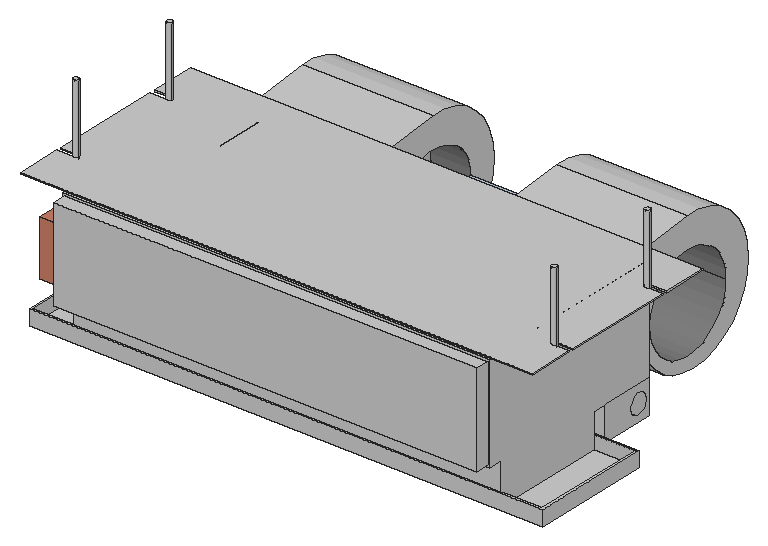
Revit family "Fan Coil-ACME-1.5-2.5 ton-FC1525Z", category Mechanical Equipment, Revit 2019
Family settings
  Round Connector Dimension = Use Radius
  Part Type = Normal
  OmniClass Number = 23.75.70.17.27
  OmniClass Title = Fan Coil Units
  Work Plane-Based = No
  Always vertical = Yes
  Cut with Voids When Loaded = No
  Shared = No
  Room Calculation Point = No
Parameters (values of type "FPMBNU018 - 208 v")
  Width = 37.250"
  Voltage = 208 V
  Unit Weight = 70 lbf
  URL = "www.acme.com"
  Type Comments = "208 v - 18 kBtu/h Cooling Capacity"
  Supply Air Width = 31"
  Supply Air Height = 7"
  Right Drain [instance] = not(Left Drain)  # no
  Motor Material = Paint - Carrier - Gray
  Minimum Circuit Amps = 1.32 A
  Maximum Overcurrent Protection = 15 A
  Length 4 = 0.91013"
  Length 3 = Height - Fan Radius - 0.080"  # 5.170"
  Length 1 = Width / 2  # 18.625"
  Power Y Offset = 12.875"
  Highlight Material 3 = Metal - Carrier - Copper Tube
  Highlight Material 2 = Metal - Carrier - Finned
  Fan Void Radius = 3.500"
  Fan Radius = 5.000"
  Drain Z Offset = 0.500"
  Drain Y Offset = 9.625"
  Drain X Offset [instance] = if(Left Drain, 1.250", Width - 1.250")  # 1.250"
  Drain Body Radius = Drain Radius + 0.125"  # 0.500"
  Power Factor = 0.9
  Number of Poles = 2
  Model = "344564723"
  Manufacturer = "ACME Inc."
  Load Classification = HVAC
  Length 9 [instance] = if(Clearance Zones, Clearance Front, 0.000")  # 0.000"
  Length 6 [instance] = 1.000"
  Length 2 = Depth / 2  # 12.6875"
  Length 14 [instance] = if(Clearance Zones, Clearance Top, 0.000")  # 0.000"
  Length 13 [instance] = if(Clearance Zones, Clearance Bottom, 0.000")  # 0.000"
  Length 12 [instance] = if(Clearance Zones, Clearance Right, 0.000")  # 0.000"
  Length 11 [instance] = if(Clearance Zones, Clearance Left, 0.000")  # 0.000"
  Length 10 [instance] = if(Clearance Zones, Clearance Back, 0.000")  # 0.000"
  Inlet Air Flow [instance] = 0 CFM
  External Static Pressure [instance] = 0.08 in-wg
  Drain Flow [instance] = 0 GPM
  Drain Diameter = Drain Radius * 2  # 3/4"
  Description = "Horizontal Un-Cased Fan Coil"
  Depth = 25.375"
  Highlight Material 1 = Plastic - Carrier - Black
  Height = 10.250"
  Hanging Bolts [instance] = yes
  Drop Rod Radius = 0.188"
  Hanging Height [instance] = 5.000"
  Drain Radius = 3/8"
  DX Gas Z Offset = 5.125"
  DX Y Offset = 13.500"
  DX Liquid Radius = 3/16"
  DX Liquid Diameter = DX Liquid Radius * 2  # 3/8"
  DX Liquid Body Radius = DX Liquid Radius + 0.200"  # 0.3875"
  DX Gas Radius = 3/8"
  DX Gas Diameter = DX Gas Radius * 2  # 3/4"
  DX Gas Body Radius = DX Gas Radius + 0.200"  # 0.575"
  Cooling Capacity = 18000.0 Btu/h
  Controls Y Offset = 1.575"
  Clearance Zones [instance] = no
  Clearance Top = 0.000"
  Clearance Right = 0.000"
  Clearance Material = Clearance Zones
  Clearance Left = 0.000"
  Clearance Front = 0.000"
  Clearance Bottom = 0.000"
  Clearance Back = 0.000"
  Body Material = Metal - Carrier - Steel
  Left Drain [instance] = yes
  Assembly Code = "D5217957"
  Apparent Load = Voltage * Minimum Circuit Amps / Power Factor  # 305.067 VA
  Angle 1 [instance] = 90.00°
  Air Pressure Drop [instance] = 0.00 in-wg
  Outlet Air Flow [instance] = 0 CFM
Reference planes (in)
  plane 1 "Center (Front/Back)": y = 0
  plane 2: z = 0
  plane 3 "Center (Left/Right)": x = 0
  plane 4 "Back": y = 12.6875
  plane 5 "Body Front": y = -12.6875
  plane 6 "Body Left": x = -18.625
  plane 7 "Body Right": x = 18.625
  plane 8 "Left Bolt Pitch": x = -17.375
  plane 9 "Right Bolt Pitch": x = 17.375
  plane 10 "Back Bolt Pitch": y = -0.6875
  plane 11 "Front Bolt Pitch": y = -9.1875
  plane 12 "Top": z = 10.25
  plane 13 "Bottom": z = 0
  plane 14 "Center (Elevation)": z = 5.125
  plane 15 "elec z cl": z = 1.25
  plane 16 "Bolt Top": z = 10.25
  plane 17 "sa top": z = 10
  plane 18 "sa bottom": z = 3
  plane 19 "controls y cl": y = -1.1875
  plane 20 "Hanging Rods Height": z = 15.25
  plane 21 "sa left": x = -15.5
  plane 22 "sa right": x = 15.5
  plane 23: z = 10.25
  plane 24 "Cleareance Left": x = -18.625
  plane 25 "Clearance Right": x = 18.625
  plane 26 "Clearance Front": y = -12.6875
  plane 27 "Clearance Back": y = 12.6875
  plane 28 "Clearance Top": z = 10.25
  plane 29 "Clearance Bottom": z = 0
  plane 30 "drain y cl": y = -3.0625
  plane 31 "drain z cl": z = 0.5
  plane 32 "drain x cl": x = -17.375
  plane 33 "power y cl": y = 0.8125
  plane 34 "dx y cl": y = -0.8125
  plane 35 "dx gas z cl": z = 5.125
  plane 36 "bolt bottom": z = 9.85
  plane 37 "back dummy": y = 12.6875
  plane 38 "cover back": y = 2.8125
  plane 39 "cover bottom": z = 10.17
  plane 40 "fan 1 left": x = -14
  plane 41 "fan 1 right": x = -4.5
  plane 42 "fan 2 left": x = 4.5
  plane 43 "fan2 right": x = 14
  plane 44 "fan body left": x = -15.5
  plane 45 "fan body right": x = 15.5
  plane 46 "fan void y cl": y = 7.1875
  plane 47 "fan front": y = 1.8125
  plane 48 "fan void z cl": z = 4.5
  plane 49 "fan z cl": z = 5
  plane 50 "fan y cl": y = 7.6875
  plane 51: z = 2.5
  plane 52 "connection end": y = 6.1875
  plane 53 "dx liquid z cl": z = 6.625
  plane 54 "dx gas x cl": x = -16.825
  plane 55 "dx liquid x cl": x = -16
  plane 56: y = -11.6875
  plane 57: y = -9.1875
Forms (in)
  Extrusion 1, solid, detail levels coarse
    sketch origin (0, 0, 0) x (0, 1, 0) y (0, 0, 1)
      loop
        line (-12.6875, 10.25) -> (-12.6875, 0) -> (12.6875, 0) -> (12.6875, 10.25) -> (-12.6875, 10.25)
    from -18.625 to 18.625
  Extrusion 2, solid, material "Metal - Carrier - Steel" <- "Body Material", visible <- "Hanging Bolts", detail levels medium+fine
    sketch origin (0, 0, 10.25) x (-1, 0, 0) y (0, -1, 0)
      loop
        circle (17.375, 0.6875) r 0.188
      loop
        circle (-17.375, 0.6875) r 0.188
      loop
        circle (17.375, 9.1875) r 0.188
      loop
        circle (-17.375, 9.1875) r 0.188
    from -0.4 to 5
  Extrusion 3, solid, material "Clearance Zones" <- "Clearance Material", visible <- "Clearance Zones"
    sketch origin (0, 0, 10.25) x (-1, 0, 0) y (0, -1, 0)
      loop
        line (18.625, -12.6875) -> (18.625, 12.6875) -> (-18.625, 12.6875) -> (-18.625, -12.6875) -> (18.625, -12.6875)
    from -10.25 to 0
  Extrusion 4, solid, material "Metal - Carrier - Steel" <- "Body Material", detail levels medium+fine
    sketch origin (0, -12.6875, 0) x (-1, 0, 0) y (0, 0, 1)
      loop
        line (15.375, 9.875) -> (-15.375, 9.875) -> (-15.375, 3.125) -> (15.375, 3.125) -> (15.375, 9.875)
    from 0 to -1
  Revolve 5, solid, material "Plastic - Carrier - Black" <- "Highlight Material 1", detail levels medium+fine
    sketch origin (-17.375, -3.0625, 0.5) x (0, 1, 0) y (-1, 0, 0)
      loop
        line (1, 0) -> (0, 0) -> (0, -0.5) -> (1, -0.5) -> (1, 0)
      axis (1, 0) -> (0, 0)
    angle from 0 to 360
  Extrusion 6, solid, material "Metal - Carrier - Steel" <- "Body Material", detail levels medium+fine
    sketch origin (0, 0, 10.25) x (-1, 0, 0) y (0, -1, 0)
      loop
        line (18.625, 0.8755) -> (18.625, 8.9995) -> (17.375, 8.9995)
        arc (17.375, 8.9995) -> (17.187, 9.1875) -> (17.375, 9.3755) r 0.188
        line (17.375, 9.3755) -> (18.625, 9.3755) -> (18.625, 12.6875) -> (-18.625, 12.6875) -> (-18.625, 9.3755) -> (-17.375, 9.3755)
        arc (-17.375, 9.3755) -> (-17.187, 9.1875) -> (-17.375, 8.9995) r 0.188
        line (-17.375, 8.9995) -> (-18.625, 8.9995) -> (-18.625, 0.8755) -> (-17.375, 0.8755)
        arc (-17.375, 0.8755) -> (-17.187, 0.6875) -> (-17.375, 0.4995) r 0.188
        line (-17.375, 0.4995) -> (-18.625, 0.4995) -> (-18.625, -2.8125) -> (18.625, -2.8125) -> (18.625, 0.4995) -> (17.375, 0.4995)
        arc (17.375, 0.4995) -> (17.187, 0.6875) -> (17.375, 0.8755) r 0.188
        line (17.375, 0.8755) -> (18.625, 0.8755)
    from 0 to -0.08
  Extrusion 7, solid, material "Metal - Carrier - Steel" <- "Body Material", detail levels medium+fine
    sketch origin (0, 0, 0) x (0, 1, 0) y (0, 0, 1)
      loop
        line (-12.6875, 10) -> (-12.6875, 3) -> (-11.6875, 3) -> (-11.6875, 0) -> (-3.1875, 0) -> (-3.1875, 2.5) -> (1.8125, 2.5) -> (1.8125, 10.17) -> (-11.6875, 10.17) -> (-11.6875, 10) -> (-12.6875, 10)
    from -15.5 to 15.5
  Extrusion 8, solid, material "Metal - Carrier - Steel" <- "Body Material", detail levels medium+fine
    sketch origin (0, 0, 0) x (0, 1, 0) y (0, 0, 1)
      loop
        arc (3.10492, 3) -> (8.70905, 0.10547) -> (12.6875, 5) r 5
        spline (12.6875, 5) -> (12.6391, 5.71758) -> (12.49485, 6.42127) -> (12.25754, 7.09745) -> (11.93176, 7.73303) -> (11.52381, 8.31569) -> (11.0416, 8.83417) -> (10.49446, 9.27843) -> (9.89298, 9.63987) -> (9.24881, 9.91148) -> (8.57441, 10.08801) -> (7.88285, 10.16605) -> (7.1875, 10.14409)
        line (7.1875, 10.14409) -> (2.8125, 9.68943) -> (2.8125, 3) -> (3.10492, 3)
      loop
        circle (7.1875, 4.5) r 3.5
    from 4.5 to 14
  Extrusion 9, solid, material "Metal - Carrier - Steel" <- "Body Material", detail levels medium+fine
    sketch origin (0, 0, 0) x (1, 0, 0) y (0, 1, 0)
      loop
        line (-14.5, 2.8125) -> (-14.5, 1.8125) -> (14.5, 1.8125) -> (14.5, 2.8125) -> (-14.5, 2.8125)
    from 2.5 to 10.17
  Extrusion 10, solid, material "Metal - Carrier - Steel" <- "Body Material", detail levels medium+fine
    sketch origin (0, 0, 0) x (0, 1, 0) y (0, 0, 1)
      loop
        circle (7.1875, 4.5) r 3.5
      loop
        line (7.1875, 10.14409) -> (2.8125, 9.68943) -> (2.8125, 3) -> (3.10492, 3)
        arc (3.10492, 3) -> (8.70905, 0.10547) -> (12.6875, 5) r 5
        spline (12.6875, 5) -> (12.6391, 5.71758) -> (12.49485, 6.42127) -> (12.25754, 7.09745) -> (11.93176, 7.73303) -> (11.52381, 8.31569) -> (11.0416, 8.83417) -> (10.49446, 9.27843) -> (9.89298, 9.63987) -> (9.24881, 9.91148) -> (8.57441, 10.08801) -> (7.88285, 10.16605) -> (7.1875, 10.14409)
    from -14 to -4.5
  Revolve 11, solid, material "Paint - Carrier - Gray" <- "Motor Material", detail levels fine
    sketch origin (0, 0, 4.5) x (0, 1, 0) y (-1, 0, 0)
      loop
        line (7.1875, 7.5) -> (7.1875, -7.5) -> (10.6875, -7.5) -> (7.3875, -6.2989) -> (7.3875, -2.5) -> (9.4375, -2.5) -> (9.4375, 2.5) -> (7.3875, 2.5) -> (7.3875, 6.2989) -> (10.6875, 7.5) -> (7.1875, 7.5)
      axis (7.1875, 7.5) -> (7.1875, -7.5)
    angle from 0 to 360
  Extrusion 12, solid, material "Metal - Carrier - Steel" <- "Body Material", detail levels medium+fine
    sketch origin (0, 0, 0) x (0, 1, 0) y (0, 0, 1)
      loop
        line (1.8125, 2.5) -> (-2.1875, 2.5) -> (-2.1875, 0) -> (1.8125, 0) -> (1.8125, 2.5)
    from -15.5 to 15.5
  Extrusion 13, solid, material "Metal - Carrier - Copper Tube" <- "Highlight Material 3", detail levels medium+fine
    sketch origin (0, 0, 5.125) x (-1, 0, 0) y (0, -1, 0)
      loop
        line (18, 9.1875) -> (18, 11.6875) -> (15.5, 11.6875) -> (15.5, 9.1875) -> (18, 9.1875)
    from -2 to 2
  Sweep 14, solid, material "Metal - Carrier - Copper Tube" <- "Highlight Material 3", detail levels medium+fine
    path origin (-16.825, 0, 0) x (0, -1, 0) y (0, 0, 1)
      loop
        line (-5.4375, 5.125) -> (0.58795, 5.125)
        arc (0.58795, 5.125) -> (1.61401, 4.94408) -> (2.51631, 4.42313) r 3
        line (2.51631, 4.42313) -> (6.55902, 1.0309)
        arc (6.55902, 1.0309) -> (7.89077, 0.85557) -> (8.6125, 1.98846) r 1.25
        line (8.6125, 1.98846) -> (8.6125, 7.25)
    profile origin (-16.825, 2.42478, 5.125) x (0, 0, 1) y (-1, 0, 0)
      loop
        circle (0, 0) r 0.375
  Extrusion 15, solid, material "Metal - Carrier - Copper Tube" <- "Highlight Material 3", detail levels medium+fine
    sketch origin (0, 6.1875, 0) x (0, 0, 1) y (-1, 0, 0)
      loop
        circle (6.625, 16) r 0.1875
    from 15.375 to 0.75
  Extrusion 16, solid, material "Metal - Carrier - Copper Tube" <- "Highlight Material 3", detail levels medium+fine
    sketch origin (0, 6.1875, 0) x (0, 0, 1) y (-1, 0, 0)
      loop
        circle (6.625, 16) r 0.3875
      loop
        circle (5.125, 16.825) r 0.575
    from 0 to 0.75
  Extrusion 17, solid, material "Metal - Carrier - Steel" <- "Body Material", detail levels medium+fine
    sketch origin (0, 0, 0) x (-1, 0, 0) y (0, -1, 0)
      loop
        line (18.625, 3.0625) -> (18.625, 11.8125) -> (-18.625, 11.8125) -> (-18.625, 3.0625) -> (18.625, 3.0625)
    from -0.125 to 1
  Extrusion 18, void
    sketch origin (0, 0, 0) x (-1, 0, 0) y (0, -1, 0)
      loop
        line (18.5, 3.1875) -> (18.5, 11.6875) -> (-18.5, 11.6875) -> (-18.5, 3.1875) -> (18.5, 3.1875)
    from 0 to 1.5
  Extrusion 19, solid, material "Metal - Carrier - Steel" <- "Body Material", detail levels medium+fine
    sketch origin (15.5, 0, 0) x (0, 1, 0) y (0, 0, 1)
      loop
        circle (0.8125, 1.25) r 0.6875
    from 0 to -0.125
  Extrusion 20, solid, material "Metal - Carrier - Steel" <- "Body Material", detail levels medium+fine
    sketch origin (-15.5, 0, 0) x (0, 1, 0) y (0, 0, 1)
      loop
        circle (-1.1875, 1.25) r 0.375
    from 0 to 0.125
Cuts and joins
  Extrusion 18 cuts Extrusion 17
Lines and regions (in)
  Masking region 1, detail levels coarse
    outline origin (0, 0, 5.125) x (-1, 0, 0) y (0, -1, 0)
      loop
        line (18.625, -12.6875) -> (18.625, 12.6875) -> (-18.625, 12.6875) -> (-18.625, -12.6875) -> (18.625, -12.6875)
  Masking region 2, detail levels coarse
    outline origin (0, 0, 0) x (1, 0, 0) y (0, 0, 1)
      loop
        line (-18.625, 10.25) -> (-18.625, 0) -> (18.625, 0) -> (18.625, 10.25) -> (-18.625, 10.25)
  Masking region 3, detail levels coarse
    outline origin (0, 0, 0) x (0, 1, 0) y (0, 0, 1)
      loop
        line (-12.6875, 10.25) -> (-12.6875, 0) -> (12.6875, 0) -> (12.6875, 10.25) -> (-12.6875, 10.25)
  Masking region 4, visible <- "Hanging Bolts", detail levels fine
    outline origin (0, 0, 0) x (0, 1, 0) y (0, 0, 1)
      loop
        line (-9.3755, 15.25) -> (-9.3755, 10.25) -> (-8.9995, 10.25) -> (-8.9995, 15.25) -> (-9.3755, 15.25)
      loop
        line (-0.8755, 15.25) -> (-0.8755, 10.25) -> (-0.4995, 10.25) -> (-0.4995, 15.25) -> (-0.8755, 15.25)
      loop
        line (-0.4995, 10.17) -> (-0.8755, 10.17) -> (-0.8755, 9.85) -> (-0.4995, 9.85) -> (-0.4995, 10.17)
      loop
        line (-8.9995, 10.17) -> (-9.3755, 10.17) -> (-9.3755, 9.85) -> (-8.9995, 9.85) -> (-8.9995, 10.17)
  Masking region 5, visible <- "Hanging Bolts", detail levels fine
    outline origin (0, 0, 0) x (1, 0, 0) y (0, 0, 1)
      loop
        line (-17.563, 15.25) -> (-17.563, 10.25) -> (-17.187, 10.25) -> (-17.187, 15.25) -> (-17.563, 15.25)
      loop
        line (17.187, 15.25) -> (17.187, 10.25) -> (17.563, 10.25) -> (17.563, 15.25) -> (17.187, 15.25)
      loop
        line (17.187, 10.17) -> (17.187, 9.85) -> (17.563, 9.85) -> (17.563, 10.17) -> (17.187, 10.17)
      loop
        line (-17.563, 10.17) -> (-17.563, 9.85) -> (-17.187, 9.85) -> (-17.187, 10.17) -> (-17.563, 10.17)
  Masking region 6, detail levels medium+fine
    outline origin (0, 0, 10.25) x (-1, 0, 0) y (0, -1, 0)
      loop
        line (17.375, 9.3755) -> (18.625, 9.3755) -> (18.625, 12.6875) -> (-18.625, 12.6875) -> (-18.625, 9.3755) -> (-17.375, 9.3755)
        arc (-17.375, 9.3755) -> (-17.563, 9.1875) -> (-17.375, 8.9995) r 0.188
        line (-17.375, 8.9995) -> (-18.625, 8.9995) -> (-18.625, 0.8755) -> (-17.375, 0.8755)
        arc (-17.375, 0.8755) -> (-17.563, 0.6875) -> (-17.375, 0.4995) r 0.188
        line (-17.375, 0.4995) -> (-18.625, 0.4995) -> (-18.625, -2.8125) -> (-14, -2.8125) -> (-14, -12.6875) -> (-4.5, -12.6875) -> (-4.5, -2.8125) -> (4.5, -2.8125) -> (4.5, -12.6875) -> (14, -12.6875) -> (14, -2.8125) -> (18.625, -2.8125) -> (18.625, 0.4995) -> (17.375, 0.4995)
        arc (17.375, 0.4995) -> (17.563, 0.6875) -> (17.375, 0.8755) r 0.188
        line (17.375, 0.8755) -> (18.625, 0.8755) -> (18.625, 8.9995) -> (17.375, 8.9995)
        arc (17.375, 8.9995) -> (17.563, 9.1875) -> (17.375, 9.3755) r 0.188
  Masking region 7, detail levels medium+fine
    outline origin (0, 0, 5.125) x (-1, 0, 0) y (0, -1, 0)
      loop
        line (17.2, -5.4375) -> (17.2, -2.8125) -> (16.45, -2.8125) -> (16.45, -5.4375) -> (16.25, -5.4375) -> (16.25, -6.1875) -> (17.4, -6.1875) -> (17.4, -5.4375) -> (17.2, -5.4375)
  Masking region 8, detail levels medium+fine
    outline origin (0, 0, 6.625) x (-1, 0, 0) y (0, -1, 0)
      loop
        line (16.1875, -5.4375) -> (16.1875, -2.8125) -> (15.8125, -2.8125) -> (15.8125, -5.4375) -> (15.6125, -5.4375) -> (15.6125, -6.1875) -> (16.3875, -6.1875) -> (16.3875, -5.4375) -> (16.1875, -5.4375)
  Masking region 9, detail levels fine
    outline origin (0, 0, 4.5) x (0, 1, 0) y (-1, 0, 0)
      loop
        line (6.9875, 2.5) -> (4.9375, 2.5) -> (4.9375, -2.5) -> (6.9875, -2.5) -> (6.9875, -4.5) -> (7.3875, -4.5) -> (7.3875, -2.5) -> (9.4375, -2.5) -> (9.4375, 2.5) -> (7.3875, 2.5) -> (7.3875, 4.5) -> (6.9875, 4.5) -> (6.9875, 2.5)
  Masking region 10, detail levels medium+fine
    outline origin (0, 0, 0) x (0, 1, 0) y (0, 0, 1)
      loop
        line (2.8125, 9.68943) -> (2.8125, 10.25) -> (-12.6875, 10.25) -> (-12.6875, 10.17) -> (-11.6875, 10.17) -> (-11.6875, 9.92585) -> (-12.6875, 9.92585) -> (-12.6875, 3) -> (-11.6875, 3) -> (-11.6875, 1) -> (-3.1875, 1) -> (-3.1875, 2.5) -> (-2.1875, 2.5) -> (-2.1875, 0) -> (1.8125, 0) -> (1.8125, 2.5) -> (2.8125, 2.5) -> (2.8125, 3) -> (3.10492, 3)
        arc (3.10492, 3) -> (8.70905, 0.10547) -> (12.6875, 5) r 5
        spline (12.6875, 5) -> (12.6391, 5.71758) -> (12.49485, 6.42127) -> (12.25754, 7.09745) -> (11.93176, 7.73303) -> (11.52381, 8.31569) -> (11.0416, 8.83417) -> (10.49446, 9.27843) -> (9.89298, 9.63987) -> (9.24881, 9.91148) -> (8.57441, 10.08801) -> (7.88285, 10.16605) -> (7.1875, 10.14409)
        line (7.1875, 10.14409) -> (2.8125, 9.68943)
      loop
        circle (7.1875, 4.5) r 3.5
  Masking region 11, detail levels medium+fine
    outline origin (-17.375, 0, 0) x (0, 1, 0) y (0, 0, 1)
      loop
        line (-2.0625, 1) -> (-3.0625, 1) -> (-3.0625, 0) -> (-2.0625, 0) -> (-2.0625, 1)
  Masking region 12, detail levels fine
    outline origin (0, 0, 0) x (0, 1, 0) y (0, 0, 1)
      loop
        circle (7.1875, 4.5) r 3.5
  Masking region 13, detail levels medium+fine
    outline origin (-16.825, 0, 0) x (0, -1, 0) y (0, 0, 1)
      loop
        line (8.2375, 6.8125) -> (-5.4375, 6.8125) -> (-5.4375, 7.0125) -> (-6.1875, 7.0125) -> (-6.1875, 6.2375) -> (-5.4375, 6.2375) -> (-5.4375, 6.4375) -> (8.2375, 6.4375) -> (8.2375, 2.03213)
        arc (8.2375, 2.03213) -> (7.72056, 1.2207) -> (6.76668, 1.34628) r 0.89532
        line (6.76668, 1.34628) -> (2.72263, 4.73964)
        arc (2.72263, 4.73964) -> (1.74513, 5.304) -> (0.63357, 5.5) r 3.25
        line (0.63357, 5.5) -> (-5.4375, 5.5) -> (-5.4375, 5.7) -> (-6.1875, 5.7) -> (-6.1875, 4.55) -> (-5.4375, 4.55) -> (-5.4375, 4.75) -> (0.57393, 4.75)
        arc (0.57393, 4.75) -> (1.42898, 4.59923) -> (2.1809, 4.16511) r 2.5
        line (2.1809, 4.16511) -> (6.14959, 0.83499)
        arc (6.14959, 0.83499) -> (7.97625, 0.56829) -> (8.97542, 2.12054) r 1.70533
        line (8.97542, 2.12054) -> (8.97542, 6.4375) -> (9.1875, 6.4375) -> (9.1875, 3.125) -> (11.6875, 3.125) -> (11.6875, 7.125) -> (9.1875, 7.125) -> (9.1875, 6.8125) -> (8.97542, 6.8125) -> (8.97542, 7.25) -> (8.2375, 7.25) -> (8.2375, 6.8125)
  Masking region 14, detail levels medium+fine
    outline origin (0, 0, 0) x (0, 1, 0) y (0, 0, 1)
      loop
        line (-3.0625, -0.125) -> (-3.0625, 1) -> (-11.8125, 1) -> (-11.8125, -0.125) -> (-3.0625, -0.125)
  Masking region 15, detail levels medium+fine
    outline origin (0, 0, 0) x (1, 0, 0) y (0, 0, 1)
      loop
        line (-18.625, 1) -> (-18.625, 0) -> (18.625, 0) -> (18.625, 1) -> (15.5, 1) -> (15.5, 10.17) -> (18.625, 10.17) -> (18.625, 10.25) -> (-18.625, 10.25) -> (-18.625, 10.17) -> (-15.5, 10.17) -> (-15.5, 7.125) -> (-16.45, 7.125) -> (-16.45, 7.25) -> (-17.2, 7.25) -> (-17.2, 7.125) -> (-18, 7.125) -> (-18, 3.125) -> (-17.2, 3.125) -> (-17.2, 1) -> (-18.625, 1)
      loop
        line (-16.45, 3.125) -> (-16.45, 1) -> (-15.5, 1) -> (-15.5, 3.125) -> (-16.45, 3.125)
  Masking region 16, detail levels medium+fine
    outline origin (0, 6.1875, 0) x (0, 0, 1) y (-1, 0, 0)
      loop
        circle (5.125, 16.825) r 0.575
      loop
        circle (6.625, 16) r 0.3875
  Masking region 17, detail levels fine
    outline origin (0, 12.6875, 0) x (-1, 0, 0) y (0, 0, 1)
      loop
        line (2.5, 4.3) -> (4.5, 4.3) -> (4.5, 4.7) -> (2.5, 4.7) -> (2.5, 6.75) -> (-2.5, 6.75) -> (-2.5, 4.7) -> (-4.5, 4.7) -> (-4.5, 4.3) -> (-2.5, 4.3) -> (-2.5, 2.25) -> (2.5, 2.25) -> (2.5, 4.3)
  symbolic lines, detail levels fine
    curve 1: circle (-17.375, -0.6875, 10.25) r 0.188 normal (0, 0, 1)
    curve 2: circle (17.375, -0.6875, 10.25) r 0.188 normal (0, 0, 1)
    curve 3: circle (17.375, -9.1875, 10.25) r 0.188 normal (0, 0, 1)
    curve 4: circle (-17.375, -9.1875, 10.25) r 0.188 normal (0, 0, 1)
    curve 31: line (-2.5, 7.3875, 4.5) -> (-2.5, 6.9875, 4.5)
    curve 32: line (2.5, 7.3875, 4.5) -> (2.5, 6.9875, 4.5)
    curve 40: circle (0, 7.1875, 4.5) r 0.5 normal (1, 0, 0)
    curve 71: line (-2.5, 12.6875, 4.7) -> (-2.5, 12.6875, 4.3)
    curve 72: line (2.5, 12.6875, 4.7) -> (2.5, 12.6875, 4.3)
  symbolic lines, visible <- "Hanging Bolts", detail levels medium
    curve 5: line (0, -0.6875, 9.85) -> (0, -0.6875, 15.25)
    curve 6: line (0, -9.1875, 15.25) -> (0, -9.1875, 9.85)
    curve 7: line (-17.375, 0, 15.25) -> (-17.375, 0, 9.85)
    curve 8: line (17.375, 0, 15.25) -> (17.375, 0, 9.85)
  symbolic lines, detail levels medium+fine
    curve 9: line (15.5, -12.6875, 10) -> (-15.5, -12.6875, 10)
    curve 10: line (15.5, -12.6875, 3) -> (15.5, -12.6875, 10)
    curve 11: line (-15.5, -12.6875, 3) -> (15.5, -12.6875, 3)
    curve 12: line (-15.5, -12.6875, 10) -> (-15.5, -12.6875, 3)
    curve 27: line (-14, 2.8125, 10.25) -> (-4.5, 2.8125, 10.25)
    curve 28: line (4.5, 2.8125, 10.25) -> (14, 2.8125, 10.25)
    curve 29: line (-17.2, 5.4375, 5.125) -> (-16.45, 5.4375, 5.125)
    curve 30: line (-16.1875, 5.4375, 6.625) -> (-15.8125, 5.4375, 6.625)
    curve 33: line (0, -3.1875, 1) -> (0, -11.6875, 1)
    curve 34: line (0, 1.8125, 2.5) -> (0, -2.1875, 2.5)
    curve 35: line (0, -11.6875, 10.17) -> (0, 2.8125, 10.17)
    curve 36: line (0, 2.8125, 10.17) -> (0, 2.8125, 3)
    curve 37: line (0, 1.8125, 10.17) -> (0, 1.8125, 2.5)
    curve 38: circle (-18.625, -1.1875, 1.25) r 0.375 normal (1, 0, 0)
    curve 39: circle (18.625, 0.8125, 1.25) r 0.6875 normal (1, 0, 0)
    curve 41: line (-16.825, 5.4375, 6.8125) -> (-16.825, 5.4375, 6.4375)
    curve 42: line (-16.825, 5.4375, 5.5) -> (-16.825, 5.4375, 4.75)
    curve 43: line (-16.825, -8.2375, 6.8125) -> (-16.825, -8.2375, 6.4375)
    curve 44: line (-16.825, -8.97542, 6.8125) -> (-16.825, -8.97542, 6.4375)
    curve 45: line (-16.825, -9.1875, 6.8125) -> (-16.825, -9.1875, 6.4375)
    curve 46: line (-17.2, -12.6875, 7.125) -> (-16.45, -12.6875, 7.125)
    curve 47: line (-17.2, -12.6875, 3.125) -> (-16.45, -12.6875, 3.125)
    curve 48: line (-17.2, -12.6875, 1) -> (-16.45, -12.6875, 1)
    curve 49: line (-15.5, -12.6875, 1) -> (15.5, -12.6875, 1)
    curve 50: line (-15.5, -12.6875, 7.125) -> (-15.5, -12.6875, 3.125)
    curve 51: line (-15.5, -12.6875, 10.17) -> (15.5, -12.6875, 10.17)
    curve 52: line (15.375, -12.6875, 9.875) -> (-15.375, -12.6875, 9.875)
    curve 53: line (-15.375, -12.6875, 9.875) -> (-15.375, -12.6875, 3.125)
    curve 54: line (-15.375, -12.6875, 3.125) -> (15.375, -12.6875, 3.125)
    curve 55: line (15.375, -12.6875, 3.125) -> (15.375, -12.6875, 9.875)
    curve 56: line (15.5, 12.6875, 1) -> (15.5, 12.6875, 0)
    curve 57: line (-15.5, 12.6875, 1) -> (-15.5, 12.6875, 0)
    curve 58: line (-17.2, 2.8125, 7.125) -> (-17.2, 2.8125, 3.125)
    curve 59: line (-16.45, 2.8125, 7.125) -> (-16.45, 2.8125, 3.125)
    curve 60: circle (-16.825, 6.1875, 5.125) r 0.375 normal (0, 1, 0)
    curve 61: circle (-16, 6.1875, 6.625) r 0.1875 normal (0, 1, 0)
    curve 62: line (-14, 12.6875, 0) -> (-14, 12.6875, 10.17)
    curve 63: line (-4.5, 12.6875, 10.17) -> (-4.5, 12.6875, 0)
    curve 64: line (4.5, 12.6875, 0) -> (4.5, 12.6875, 10.17)
    curve 65: line (14, 12.6875, 10.17) -> (14, 12.6875, 0)
    curve 66: line (-15.5, 12.6875, 2.5) -> (-14, 12.6875, 2.5)
    curve 67: line (-4.5, 6.1875, 2.5) -> (4.5, 6.1875, 2.5)
    curve 68: line (14, 12.6875, 2.5) -> (15.5, 12.6875, 2.5)
    curve 69: line (14.5, 12.6875, 10.17) -> (14.5, 12.6875, 2.5)
    curve 70: line (-14.5, 12.6875, 2.5) -> (-14.5, 12.6875, 10.17)
    curve 73: circle (-17.375, 12.6875, 0.5) r 0.375 normal (0, 1, 0)
  reference lines, not visible
    curve 13: line (-17.375, -3.0625, 0.5) -> (-17.375, -2.0625, 0.5)
  symbolic lines, style "Clearance Zones", visible <- "Clearance Zones"
    curve 14: line (18.625, 12.6875, 10.921) -> (-18.625, 12.6875, 10.921)
    curve 15: line (-18.625, 12.6875, 10.921) -> (-18.625, -12.6875, 10.921)
    curve 16: line (-18.625, -12.6875, 10.921) -> (18.625, -12.6875, 10.921)
    curve 17: line (18.625, -12.6875, 10.921) -> (18.625, 12.6875, 10.921)
    curve 19: line (-18.625, -12.6875, 10.25) -> (18.625, -12.6875, 10.25)
    curve 20: line (-18.625, -12.6875, 0) -> (-18.625, -12.6875, 10.25)
    curve 21: line (18.625, -12.6875, 0) -> (-18.625, -12.6875, 0)
    curve 22: line (18.625, -12.6875, 10.25) -> (18.625, -12.6875, 0)
    curve 23: line (0, 12.6875, 10.25) -> (0, -12.6875, 10.25)
    curve 24: line (0, 12.6875, 0) -> (0, 12.6875, 10.25)
    curve 25: line (0, -12.6875, 0) -> (0, 12.6875, 0)
    curve 26: line (0, -12.6875, 0) -> (0, -12.6875, 10.25)
  symbolic lines, style "MechanicalEquipment", detail levels medium+fine
    curve 18: circle (-17.375, 12.6875, 0.5) r 0.5 normal (0, 1, 0)
Dimensions and locks (in)
  equal spacing: plane 6 "Body Left", plane 3 "Center (Left/Right)", plane 7 "Body Right"
  equal spacing: plane 4 "Back", plane 1 "Center (Front/Back)", plane 5 "Body Front"
  "Length 2": plane 1 "Center (Front/Back)" to plane 5 "Body Front"
  "Length 1": plane 6 "Body Left" to plane 3 "Center (Left/Right)"
  equal spacing: plane 8 "Left Bolt Pitch", plane 3 "Center (Left/Right)", plane 9 "Right Bolt Pitch"
  "Height": plane 12 "Top" to plane 13 "Bottom"
  equal spacing: plane 12 "Top", plane 14 "Center (Elevation)", plane 13 "Bottom"
  "Hanging Height": plane 20 "Hanging Rods Height" to plane 12 "Top"
  locked: plane 11 "Front Bolt Pitch" to plane 5 "Body Front" at 3.5
  "Drop Rod Radius": Masking region 4 sketch curve to plane 11 "Front Bolt Pitch"
  "Drop Rod Radius": plane 11 "Front Bolt Pitch" to Masking region 4 sketch curve
  "Drop Rod Radius": Masking region 4 sketch curve to plane 10 "Back Bolt Pitch"
  "Drop Rod Radius": plane 10 "Back Bolt Pitch" to Masking region 4 sketch curve
  "Drop Rod Radius": plane 8 "Left Bolt Pitch" to Masking region 5 sketch curve  (x2)
  "Drop Rod Radius": plane 9 "Right Bolt Pitch" to Masking region 5 sketch curve  (x2)
  "Length 11": plane 24 "Cleareance Left" to plane 6 "Body Left"
  "Length 12": plane 7 "Body Right" to plane 25 "Clearance Right"
  "Length 10": plane 4 "Back" to plane 27 "Clearance Back"
  "Length 9": plane 26 "Clearance Front" to plane 5 "Body Front"
  "Length 14": plane 28 "Clearance Top" to plane 12 "Top"
  "Length 13": plane 13 "Bottom" to plane 29 "Clearance Bottom"
  "Drain Y Offset": plane 30 "drain y cl" to plane 5 "Body Front"
  "Drain Z Offset": plane 31 "drain z cl" to plane 2
  "Length 6": curve 13 to curve 13
  locked: plane 12 "Top" to plane 16 "Bolt Top"
  "Supply Air Height": plane 17 "sa top" to plane 18 "sa bottom"
  locked: Extrusion 4 sketch curve to plane 22 "sa right" at 0.125
  locked: Extrusion 4 sketch curve to plane 21 "sa left" at 0.125
  plane 17 "sa top" to Extrusion 4 sketch curve = 0.125"
  locked: Extrusion 4 sketch curve to plane 18 "sa bottom" at 0.125
  equal spacing: plane 21 "sa left", plane 3 "Center (Left/Right)", plane 22 "sa right"
  "Supply Air Width": plane 21 "sa left" to plane 22 "sa right"
  locked: plane 18 "sa bottom" to plane 13 "Bottom" at 3
  "Drain Body Radius": Revolve 5 sketch curve to Revolve 5 sketch curve
  "Drain X Offset": plane 6 "Body Left" to plane 32 "drain x cl"
  "DX Y Offset": plane 37 "back dummy" to plane 34 "dx y cl"
  "DX Gas Z Offset": plane 35 "dx gas z cl" to plane 13 "Bottom"
  locked: plane 16 "Bolt Top" to plane 36 "bolt bottom" at 0.4
  locked: plane 16 "Bolt Top" to Masking region 5 sketch curve at 0.08
  locked: Masking region 4 sketch curve to Masking region 4 sketch curve at 0.08
  locked: plane 38 "cover back" to plane 5 "Body Front" at 15.5
  locked: plane 6 "Body Left" to plane 8 "Left Bolt Pitch" at 1.25
  locked: plane 38 "cover back" to plane 10 "Back Bolt Pitch" at 3.5
  equal spacing: plane 41 "fan 1 right", plane 3 "Center (Left/Right)", plane 42 "fan 2 left"
  locked: plane 41 "fan 1 right" to plane 3 "Center (Left/Right)" at 4.5
  locked: plane 42 "fan 2 left" to plane 43 "fan2 right" at 9.5
  locked: plane 40 "fan 1 left" to plane 41 "fan 1 right" at 9.5
  locked: plane 12 "Top" to plane 39 "cover bottom" at 0.08
  locked: Extrusion 7 sketch curve to Extrusion 7 sketch curve at 1
  locked: plane 38 "cover back" to plane 47 "fan front" at 1
  locked: plane 48 "fan void z cl" to plane 13 "Bottom" at 4.5
  locked: plane 4 "Back" to plane 46 "fan void y cl" at 5.5
  locked: plane 49 "fan z cl" to plane 48 "fan void z cl" at 0.5
  locked: plane 50 "fan y cl" to plane 46 "fan void y cl" at 0.5
  "Length 3": Extrusion 8 sketch curve to Extrusion 8 sketch curve
  locked: plane 43 "fan2 right" to Extrusion 9 sketch curve at 0.5
  locked: Extrusion 9 sketch curve to plane 40 "fan 1 left" at 0.5
  locked: plane 18 "sa bottom" to plane 51 at 0.5
  locked: Revolve 11 sketch curve to plane 41 "fan 1 right" at 3
  locked: plane 42 "fan 2 left" to Revolve 11 sketch curve at 3
  "Fan Void Radius": Revolve 11 sketch curve to Revolve 11 sketch curve  (x2)
  locked: Revolve 11 sketch curve to Revolve 11 sketch curve at 2.25
  equal spacing: Revolve 11 sketch curve, plane 3 "Center (Left/Right)", Revolve 11 sketch curve
  locked: Revolve 11 sketch curve to plane 3 "Center (Left/Right)" at 2.5
  locked: Revolve 11 sketch curve to Revolve 11 sketch curve at 0.2
  locked: plane 47 "fan front" to plane 33 "power y cl" at 1
  locked: plane 33 "power y cl" to Extrusion 7 sketch curve at 4
  locked: plane 33 "power y cl" to Extrusion 12 sketch curve at 3
  locked: plane 4 "Back" to plane 52 "connection end" at 6.5
  locked: plane 53 "dx liquid z cl" to plane 35 "dx gas z cl" at 1.5
  locked: plane 55 "dx liquid x cl" to plane 44 "fan body left" at 0.5
  locked: plane 54 "dx gas x cl" to plane 44 "fan body left" at 1.325
  locked: Extrusion 13 sketch curve to Extrusion 13 sketch curve at 2.5
  locked: plane 57 to plane 56 at 2.5
  locked: plane 56 to plane 5 "Body Front" at 1
  locked: plane 52 "connection end" to Sweep 14 sketch curve at 0.75
  "DX Gas Body Radius": Sweep 14 sketch curve to plane 57
  locked: Sweep 14 sketch curve to plane 14 "Center (Elevation)" at 2.125
  locked: Extrusion 17 sketch curve to plane 38 "cover back" at 5.875
  locked: plane 56 to Extrusion 17 sketch curve at 0.125
  locked: Extrusion 18 sketch curve to plane 38 "cover back" at 6
  locked: plane 6 "Body Left" to Extrusion 18 sketch curve at 0.125
  locked: Extrusion 18 sketch curve to plane 7 "Body Right" at 0.125
  locked: plane 6 "Body Left" to plane 44 "fan body left" at 3.125
  locked: plane 45 "fan body right" to plane 7 "Body Right" at 3.125
  locked: plane 47 "fan front" to plane 19 "controls y cl" at 3
  equal spacing: plane 51, plane 15 "elec z cl", plane 13 "Bottom"
  "DX Gas Body Radius": plane 54 "dx gas x cl" to Masking region 7 sketch curve
  "DX Gas Body Radius": Masking region 7 sketch curve to plane 54 "dx gas x cl"
  "DX Gas Radius": plane 54 "dx gas x cl" to Masking region 7 sketch curve
  "DX Gas Radius": Masking region 7 sketch curve to plane 54 "dx gas x cl"
  locked: Masking region 7 sketch curve to Masking region 7 sketch curve at 0.75
  locked: Masking region 8 sketch curve to Masking region 8 sketch curve at 0.75
  "DX Liquid Radius": plane 55 "dx liquid x cl" to Masking region 8 sketch curve
  "DX Liquid Radius": Masking region 8 sketch curve to plane 55 "dx liquid x cl"
  "DX Liquid Body Radius": plane 55 "dx liquid x cl" to Masking region 8 sketch curve
  "DX Liquid Body Radius": Masking region 8 sketch curve to plane 55 "dx liquid x cl"
  "Drain Body Radius": curve 13 to Masking region 11 sketch curve  (x2)
  plane 35 "dx gas z cl" to Masking region 13 sketch curve = 0.575"  (x2)
  "DX Gas Radius": plane 54 "dx gas x cl" to Masking region 15 sketch curve
  "DX Gas Radius": Masking region 15 sketch curve to plane 54 "dx gas x cl"
  locked: Masking region 17 sketch curve to plane 48 "fan void z cl" at 0.2
  locked: plane 48 "fan void z cl" to Masking region 17 sketch curve at 0.2
  locked: Masking region 17 sketch curve to plane 48 "fan void z cl" at 2.25
  locked: plane 48 "fan void z cl" to Masking region 17 sketch curve at 2.25
  "Drop Rod Radius": radius of Extrusion 2 sketch curve  (x4)
  "Drop Rod Radius": radius of curve 1
  "Drop Rod Radius": radius of curve 2
  "Drop Rod Radius": radius of curve 3
  "Drop Rod Radius": radius of curve 4
  "Drop Rod Radius": radius of Extrusion 6 sketch curve  (x4)
  "Fan Radius": radius of Extrusion 8 sketch curve
  "Fan Void Radius": radius of Extrusion 8 sketch curve
  "DX Gas Radius": radius of Sweep 14 sketch curve
  "DX Liquid Radius": radius of Extrusion 15 sketch curve
  "DX Liquid Body Radius": radius of Extrusion 16 sketch curve
  "DX Gas Body Radius": radius of Extrusion 16 sketch curve
  radius of Sweep 14 sketch curve = 3.000"
  radius of Extrusion 19 sketch curve = 0.6875"
  radius of Extrusion 20 sketch curve = 0.375"  (x2)
  "Drop Rod Radius": radius of Masking region 6 sketch curve  (x4)
  radius of curve 40 = 0.500"
  radius of Masking region 13 sketch curve = 0.89532"
  "DX Liquid Radius": radius of curve 61
  "DX Gas Radius": radius of curve 60
  "Drain Radius": radius of curve 73
  radius of Sweep 14 sketch curve = 1.250"
  "Angle 1": angle curve 13 to plane 30 "drain y cl"
  locked: Extrusion 8 sketch curve to plane 17 "sa top" (angle 5.93293°)
  locked: Revolve 11 sketch curve to Revolve 11 sketch curve (angle 20.00°)  (x2)
  locked: Sweep 14 sketch curve to plane 18 "sa bottom" (angle 40.00°)
  locked: Masking region 13 sketch curve to plane 51 (angle 40.00°)
  aligned and locked: level to plane 2
  aligned and locked: Extrusion 1 sketch curve to plane 12 "Top"
  aligned and locked: plane 13 "Bottom" to Extrusion 1 sketch curve
  aligned and locked: Extrusion 1 to plane 6 "Body Left"
  aligned and locked: plane 7 "Body Right" to Extrusion 1
  aligned and locked: plane 11 "Front Bolt Pitch" to Extrusion 2 sketch curve  (x2)
  aligned and locked: plane 8 "Left Bolt Pitch" to Extrusion 2 sketch curve  (x2)
  aligned and locked: plane 10 "Back Bolt Pitch" to Extrusion 2 sketch curve  (x2)
  aligned and locked: plane 9 "Right Bolt Pitch" to Extrusion 2 sketch curve  (x2)
  aligned and locked: plane 20 "Hanging Rods Height" to Extrusion 2
  aligned and locked: plane 2 to plane 13 "Bottom"
  aligned and locked: plane 6 "Body Left" to Masking region 1 sketch curve
  aligned and locked: Masking region 1 sketch curve to plane 4 "Back"
  aligned and locked: Masking region 1 sketch curve to plane 7 "Body Right"
  aligned and locked: plane 5 "Body Front" to Masking region 1 sketch curve
  aligned and locked: Masking region 2 sketch curve to plane 12 "Top"
  aligned and locked: plane 6 "Body Left" to Masking region 2 sketch curve
  aligned and locked: plane 13 "Bottom" to Masking region 2 sketch curve
  aligned and locked: Masking region 2 sketch curve to plane 7 "Body Right"
  aligned and locked: Masking region 3 sketch curve to plane 12 "Top"
  aligned and locked: plane 5 "Body Front" to Masking region 3 sketch curve
  aligned and locked: Masking region 3 sketch curve to plane 4 "Back"
  aligned and locked: plane 13 "Bottom" to Masking region 3 sketch curve
  aligned and locked: plane 10 "Back Bolt Pitch" to curve 1
  aligned and locked: plane 8 "Left Bolt Pitch" to curve 1
  aligned and locked: plane 10 "Back Bolt Pitch" to curve 2
  aligned and locked: plane 9 "Right Bolt Pitch" to curve 2
  aligned and locked: plane 11 "Front Bolt Pitch" to curve 3
  aligned and locked: plane 9 "Right Bolt Pitch" to curve 3
  aligned and locked: plane 8 "Left Bolt Pitch" to curve 4
  aligned and locked: plane 11 "Front Bolt Pitch" to curve 4
  aligned and locked: plane 5 "Body Front" to Extrusion 1 sketch curve
  aligned and locked: Extrusion 1 sketch curve to plane 4 "Back"
  aligned and locked: plane 20 "Hanging Rods Height" to curve 6
  aligned and locked: plane 20 "Hanging Rods Height" to curve 5
  aligned and locked: curve 6 to plane 11 "Front Bolt Pitch"
  aligned and locked: plane 10 "Back Bolt Pitch" to curve 5
  aligned and locked: Masking region 4 sketch curve to plane 20 "Hanging Rods Height"  (x2)
  aligned and locked: plane 20 "Hanging Rods Height" to curve 7
  aligned and locked: plane 20 "Hanging Rods Height" to curve 8
  aligned and locked: curve 7 to plane 8 "Left Bolt Pitch"
  aligned and locked: curve 8 to plane 9 "Right Bolt Pitch"
  aligned and locked: Masking region 5 sketch curve to plane 20 "Hanging Rods Height"  (x2)
  aligned and locked: plane 12 "Top" to plane 23
  aligned and locked: curve 10 to plane 22 "sa right"
  aligned and locked: curve 9 to plane 17 "sa top"
  aligned and locked: plane 18 "sa bottom" to curve 11
  aligned and locked: plane 21 "sa left" to curve 12
  aligned and locked: plane 27 "Clearance Back" to Extrusion 3 sketch curve
  aligned and locked: plane 24 "Cleareance Left" to Extrusion 3 sketch curve
  aligned and locked: Extrusion 3 sketch curve to plane 26 "Clearance Front"
  aligned and locked: Extrusion 3 sketch curve to plane 25 "Clearance Right"
  aligned and locked: Extrusion 3 to plane 29 "Clearance Bottom"
  aligned and locked: plane 28 "Clearance Top" to Extrusion 3
  aligned and locked: Masking region 4 sketch curve to plane 16 "Bolt Top"  (x2)
  aligned and locked: plane 16 "Bolt Top" to Masking region 5 sketch curve  (x2)
  aligned and locked: plane 30 "drain y cl" to curve 13
  aligned and locked: curve 16 to Extrusion 3
  aligned and locked: plane 32 "drain x cl" to curve 13
  aligned and locked: Revolve 5 sketch curve to Revolve 5 sketch curve
  aligned and locked: Revolve 5 sketch curve to curve 13  (x3)
  aligned and locked: Masking region 5 sketch curve to Masking region 5 sketch curve  (x5)
  aligned and locked: plane 36 "bolt bottom" to Masking region 5 sketch curve  (x2)
  aligned and locked: Extrusion 2 to plane 36 "bolt bottom"
  aligned and locked: plane 36 "bolt bottom" to curve 8
  aligned and locked: plane 36 "bolt bottom" to curve 7
  aligned and locked: Masking region 4 sketch curve to Masking region 4 sketch curve  (x5)
  aligned and locked: plane 36 "bolt bottom" to Masking region 4 sketch curve  (x2)
  aligned and locked: plane 36 "bolt bottom" to curve 6
  aligned and locked: plane 36 "bolt bottom" to curve 5
  aligned and locked: plane 4 "Back" to plane 37 "back dummy"
  aligned and locked: plane 24 "Cleareance Left" to curve 20
  aligned and locked: curve 19 to plane 28 "Clearance Top"
  aligned and locked: curve 22 to plane 25 "Clearance Right"
  aligned and locked: plane 29 "Clearance Bottom" to curve 21
  aligned and locked: plane 27 "Clearance Back" to curve 24
  aligned and locked: curve 23 to plane 28 "Clearance Top"
  aligned and locked: plane 29 "Clearance Bottom" to curve 25
  aligned and locked: plane 26 "Clearance Front" to curve 26
  aligned and locked: plane 6 "Body Left" to Extrusion 6 sketch curve
  aligned and locked: Extrusion 6 sketch curve to Extrusion 6 sketch curve  (x4)
  aligned and locked: plane 10 "Back Bolt Pitch" to Extrusion 6 sketch curve  (x2)
  aligned and locked: plane 8 "Left Bolt Pitch" to Extrusion 6 sketch curve  (x2)
  aligned and locked: plane 11 "Front Bolt Pitch" to Extrusion 6 sketch curve  (x2)
  aligned and locked: plane 7 "Body Right" to Extrusion 6 sketch curve
  aligned and locked: plane 9 "Right Bolt Pitch" to Extrusion 6 sketch curve  (x2)
  aligned and locked: Extrusion 6 sketch curve to plane 5 "Body Front"
  aligned and locked: Extrusion 6 sketch curve to plane 38 "cover back"
  aligned and locked: Extrusion 6 to plane 39 "cover bottom"
  aligned and locked: plane 12 "Top" to Extrusion 6
  aligned and locked: Extrusion 7 sketch curve to plane 39 "cover bottom"
  aligned and locked: plane 5 "Body Front" to Extrusion 7 sketch curve
  aligned and locked: Extrusion 7 sketch curve to Extrusion 7 sketch curve
  aligned and locked: plane 18 "sa bottom" to Extrusion 7 sketch curve
  aligned and locked: plane 17 "sa top" to Extrusion 7 sketch curve
  aligned and locked: plane 13 "Bottom" to Extrusion 7 sketch curve
  aligned and locked: Extrusion 7 to plane 44 "fan body left"
  aligned and locked: plane 45 "fan body right" to Extrusion 7
  aligned and locked: plane 47 "fan front" to Extrusion 7 sketch curve
  aligned and locked: plane 49 "fan z cl" to Extrusion 8 sketch curve
  aligned and locked: plane 50 "fan y cl" to Extrusion 8 sketch curve
  aligned and locked: plane 38 "cover back" to Extrusion 8 sketch curve
  aligned and locked: plane 46 "fan void y cl" to Extrusion 8 sketch curve
  aligned and locked: plane 48 "fan void z cl" to Extrusion 8 sketch curve
  aligned and locked: plane 43 "fan2 right" to Extrusion 8
  aligned and locked: Extrusion 8 to plane 42 "fan 2 left"
  aligned and locked: Extrusion 9 sketch curve to plane 47 "fan front"
  aligned and locked: Extrusion 9 sketch curve to plane 38 "cover back"
  aligned and locked: Extrusion 9 to plane 51
  aligned and locked: plane 39 "cover bottom" to Extrusion 9
  aligned and locked: Extrusion 10 sketch curve to Extrusion 8  (x5)
  aligned and locked: Extrusion 10 to plane 40 "fan 1 left"
  aligned and locked: plane 41 "fan 1 right" to Extrusion 10
  aligned and locked: plane 46 "fan void y cl" to Revolve 11 sketch curve
  aligned and locked: Revolve 11 sketch curve to Revolve 11 sketch curve  (x2)
  aligned and locked: plane 51 to Extrusion 7 sketch curve
  aligned and locked: Extrusion 12 sketch curve to plane 51
  aligned and locked: plane 13 "Bottom" to Extrusion 12 sketch curve
  aligned and locked: plane 47 "fan front" to Extrusion 12 sketch curve
  aligned and locked: Extrusion 12 to plane 21 "sa left"
  aligned and locked: plane 22 "sa right" to Extrusion 12
  aligned and locked: Extrusion 13 sketch curve to plane 44 "fan body left"
  aligned and locked: Extrusion 13 sketch curve to plane 57
  aligned and locked: plane 56 to Extrusion 13 sketch curve
  aligned and locked: Sweep 14 sketch curve to plane 35 "dx gas z cl"
  aligned and locked: profile plane to Sweep 14 sketch curve  (x2)
  aligned and locked: plane 55 "dx liquid x cl" to Extrusion 15 sketch curve
  aligned and locked: plane 53 "dx liquid z cl" to Extrusion 15 sketch curve
  aligned and locked: plane 55 "dx liquid x cl" to Extrusion 16 sketch curve
  aligned and locked: plane 53 "dx liquid z cl" to Extrusion 16 sketch curve
  aligned and locked: plane 54 "dx gas x cl" to Extrusion 16 sketch curve
  aligned and locked: plane 35 "dx gas z cl" to Extrusion 16 sketch curve
  aligned and locked: Extrusion 15 to plane 57
  aligned and locked: Extrusion 17 sketch curve to plane 7 "Body Right"
  aligned and locked: plane 6 "Body Left" to Extrusion 17 sketch curve
  aligned and locked: Extrusion 18 sketch curve to plane 56
  aligned and locked: plane 15 "elec z cl" to Extrusion 19 sketch curve
  aligned and locked: plane 33 "power y cl" to Extrusion 19 sketch curve
  aligned and locked: plane 15 "elec z cl" to Extrusion 20 sketch curve
  aligned and locked: plane 19 "controls y cl" to Extrusion 20 sketch curve
  aligned and locked: Masking region 6 sketch curve to Extrusion 6  (x12)
  aligned and locked: plane 38 "cover back" to Masking region 6 sketch curve  (x2)
  aligned and locked: Masking region 6 sketch curve to plane 4 "Back"  (x2)
  aligned and locked: Masking region 6 sketch curve to plane 41 "fan 1 right"
  aligned and locked: plane 40 "fan 1 left" to Masking region 6 sketch curve
  aligned and locked: plane 42 "fan 2 left" to Masking region 6 sketch curve
  aligned and locked: Masking region 6 sketch curve to plane 43 "fan2 right"
  aligned and locked: Masking region 6 to curve 27
  aligned and locked: curve 27 to Masking region 6  (x2)
  aligned and locked: Masking region 6 to curve 28
  aligned and locked: curve 28 to Masking region 6  (x2)
  aligned and locked: plane 38 "cover back" to Masking region 7 sketch curve
  aligned and locked: Masking region 7 sketch curve to Masking region 7 sketch curve
  aligned and locked: plane 52 "connection end" to Masking region 7 sketch curve
  aligned and locked: Masking region 7 to curve 29  (x3)
  aligned and locked: Masking region 8 sketch curve to Masking region 8 sketch curve
  aligned and locked: plane 52 "connection end" to Masking region 8 sketch curve
  aligned and locked: plane 38 "cover back" to Masking region 8 sketch curve
  aligned and locked: curve 30 to Masking region 8  (x2)
  aligned and locked: Masking region 8 to curve 30
  aligned and locked: Masking region 9 sketch curve to Masking region 9 sketch curve  (x4)
  aligned and locked: Masking region 9 sketch curve to plane 42 "fan 2 left"
  aligned and locked: plane 41 "fan 1 right" to Masking region 9 sketch curve
  aligned and locked: Masking region 9 sketch curve to Revolve 11  (x6)
  aligned and locked: curve 31 to Masking region 9
  aligned and locked: curve 32 to Masking region 9  (x2)
  aligned and locked: Masking region 9 to curve 31  (x2)
  aligned and locked: Masking region 9 to curve 32
  aligned and locked: Masking region 10 sketch curve to Extrusion 10  (x5)
  aligned and locked: plane 56 to Masking region 10 sketch curve  (x2)
  aligned and locked: plane 39 "cover bottom" to Masking region 10 sketch curve
  aligned and locked: Masking region 10 sketch curve to plane 12 "Top"
  aligned and locked: plane 5 "Body Front" to Masking region 10 sketch curve  (x2)
  aligned and locked: plane 18 "sa bottom" to Masking region 10 sketch curve
  aligned and locked: Masking region 10 sketch curve to Extrusion 7
  aligned and locked: plane 51 to Masking region 10 sketch curve  (x2)
  aligned and locked: plane 38 "cover back" to Masking region 10 sketch curve
  aligned and locked: Masking region 10 sketch curve to plane 47 "fan front"
  aligned and locked: plane 13 "Bottom" to Masking region 10 sketch curve
  aligned and locked: Masking region 10 sketch curve to Extrusion 12
  aligned and locked: plane 11 "Front Bolt Pitch" to Masking region 6 sketch curve  (x2)
  aligned and locked: plane 10 "Back Bolt Pitch" to Masking region 6 sketch curve  (x2)
  aligned and locked: plane 8 "Left Bolt Pitch" to Masking region 6 sketch curve  (x2)
  aligned and locked: Masking region 10 to curve 35  (x3)
  aligned and locked: curve 33 to Masking region 10
  aligned and locked: Masking region 10 to curve 33
  aligned and locked: Masking region 10 sketch curve to cut or joined group of Extrusion 17, Extrusion 18
  aligned and locked: Masking region 10 to curve 34  (x2)
  aligned and locked: curve 34 to Masking region 10
  aligned and locked: curve 37 to Masking region 10
  aligned and locked: curve 35 to curve 36
  aligned and locked: curve 36 to Masking region 10
  aligned and locked: Masking region 11 sketch curve to curve 13  (x2)
  aligned and locked: curve 38 to Extrusion 20
  aligned and locked: curve 39 to Extrusion 19
  aligned and locked: Masking region 12 sketch curve to Extrusion 10
  aligned and locked: plane 48 "fan void z cl" to curve 40
  aligned and locked: plane 46 "fan void y cl" to curve 40
  aligned and locked: Masking region 13 sketch curve to Masking region 13 sketch curve  (x8)
  aligned and locked: Masking region 13 sketch curve to plane 57
  aligned and locked: Masking region 13 sketch curve to Sweep 14  (x4)
  aligned and locked: Masking region 13 sketch curve to Extrusion 13  (x2)
  aligned and locked: plane 56 to Masking region 13 sketch curve
  aligned and locked: Masking region 13 sketch curve to Extrusion 15  (x2)
  aligned and locked: Masking region 13 sketch curve to Extrusion 16  (x3)
  aligned and locked: Masking region 13 sketch curve to plane 52 "connection end"
  aligned and locked: curve 41 to curve 42
  aligned and locked: curve 41 to Masking region 13  (x2)
  aligned and locked: Masking region 13 to curve 41
  aligned and locked: Masking region 13 to curve 42
  aligned and locked: curve 42 to Masking region 13
  aligned and locked: Masking region 13 to curve 43
  aligned and locked: curve 43 to Masking region 13  (x2)
  aligned and locked: curve 44 to Masking region 13  (x2)
  aligned and locked: Masking region 13 to curve 44
  aligned and locked: Masking region 14 sketch curve to cut or joined group of Extrusion 17, Extrusion 18  (x4)
  aligned and locked: curve 45 to Masking region 13  (x2)
  aligned and locked: Masking region 13 to curve 45
  aligned and locked: Masking region 15 sketch curve to Masking region 15 sketch curve  (x6)
  aligned and locked: Masking region 15 sketch curve to plane 6 "Body Left"  (x2)
  aligned and locked: Extrusion 13 to Masking region 15 sketch curve
  aligned and locked: cut or joined group of Extrusion 17, Extrusion 18 to Masking region 15 sketch curve
  aligned and locked: Masking region 15 sketch curve to plane 44 "fan body left"
  aligned and locked: Masking region 15 sketch curve to Extrusion 13  (x2)
  aligned and locked: Masking region 15 sketch curve to Sweep 14
  aligned and locked: plane 7 "Body Right" to Masking region 15 sketch curve  (x2)
  aligned and locked: plane 45 "fan body right" to Masking region 15 sketch curve
  aligned and locked: Masking region 15 sketch curve to plane 39 "cover bottom"
  aligned and locked: plane 12 "Top" to Masking region 15 sketch curve
  aligned and locked: plane 39 "cover bottom" to Masking region 15 sketch curve
  aligned and locked: curve 48 to Masking region 15  (x2)
  aligned and locked: Masking region 15 to curve 48
  aligned and locked: curve 47 to Masking region 15
  aligned and locked: Masking region 15 to curve 47  (x2)
  aligned and locked: curve 46 to Masking region 15  (x2)
  aligned and locked: Masking region 15 to curve 46
  aligned and locked: curve 50 to Masking region 15  (x2)
  aligned and locked: Masking region 15 to curve 50
  aligned and locked: Masking region 15 to curve 49  (x2)
  aligned and locked: curve 49 to Masking region 15
  aligned and locked: Masking region 15 to curve 51  (x3)
  aligned and locked: curve 52 to Extrusion 4
  aligned and locked: curve 53 to Extrusion 4
  aligned and locked: curve 54 to Extrusion 4
  aligned and locked: curve 55 to Extrusion 4
  aligned and locked: Masking region 15 to curve 57  (x3)
  aligned and locked: Masking region 15 to curve 56  (x2)
  aligned and locked: curve 56 to Masking region 15
  aligned and locked: curve 58 to Masking region 15  (x2)
  aligned and locked: curve 59 to Masking region 15  (x2)
  aligned and locked: Masking region 15 to curve 58
  aligned and locked: Masking region 15 to curve 59  (x2)
  aligned and locked: Masking region 16 sketch curve to Extrusion 16  (x2)
  aligned and locked: plane 54 "dx gas x cl" to curve 60
  aligned and locked: plane 35 "dx gas z cl" to curve 60
  aligned and locked: plane 53 "dx liquid z cl" to curve 61
  aligned and locked: plane 55 "dx liquid x cl" to curve 61
  aligned and locked: curve 62 to Extrusion 10
  aligned and locked: curve 63 to Extrusion 10
  aligned and locked: Masking region 15 sketch curve to plane 13 "Bottom"
  aligned and locked: curve 64 to Extrusion 8
  aligned and locked: curve 65 to Extrusion 8
  aligned and locked: curve 69 to Extrusion 9
  aligned and locked: curve 70 to Extrusion 9
  aligned and locked: plane 41 "fan 1 right" to Masking region 17 sketch curve
  aligned and locked: Masking region 17 sketch curve to plane 42 "fan 2 left"
  aligned and locked: Masking region 17 sketch curve to Revolve 11  (x2)
  aligned and locked: Masking region 17 sketch curve to Masking region 17 sketch curve  (x4)
  aligned and locked: curve 71 to Masking region 17  (x2)
  aligned and locked: Masking region 17 to curve 72  (x2)
  aligned and locked: curve 72 to Masking region 17
  aligned and locked: Masking region 17 to curve 71
  aligned and locked: plane 32 "drain x cl" to curve 18
  aligned and locked: plane 32 "drain x cl" to curve 73
  aligned and locked: plane 31 "drain z cl" to curve 73
Automatic sketch dimensions
  Revolve 5 sketch curve to Revolve 5 sketch curve = 6.32571"
  Revolve 5 sketch curve to Revolve 5 sketch curve = 0.92429"
  curve 17 to plane 25 "Clearance Right" = 0.000"
  curve 16 to plane 24 "Cleareance Left" = 0.000"
  plane 27 "Clearance Back" to curve 14 = 0.000"
  curve 33 to plane 15 "elec z cl" = 0.250"
  Extrusion 10 sketch curve to plane 46 "fan void y cl" = 0.000"
  Extrusion 10 sketch curve to plane 50 "fan y cl" = 0.000"
  Masking region 10 sketch curve to plane 46 "fan void y cl" = 0.000"
  Masking region 10 sketch curve to plane 50 "fan y cl" = 0.000"
  Masking region 10 sketch curve to plane 17 "sa top" = 0.07415"
  Masking region 13 sketch curve to plane 52 "connection end" = 0.000"
  plane 10 "Back Bolt Pitch" to Masking region 13 sketch curve = 0.11357"
  plane 10 "Back Bolt Pitch" to Masking region 13 sketch curve = 0.05393"
  Masking region 13 sketch curve to plane 48 "fan void z cl" = 0.33489"
  Masking region 13 sketch curve to Masking region 13 sketch curve = 1.60697"
  plane 48 "fan void z cl" to Masking region 13 sketch curve = 0.23964"
  plane 30 "drain y cl" to Masking region 13 sketch curve = 0.33987"
  plane 31 "drain z cl" to Masking region 13 sketch curve = 0.33499"
  plane 15 "elec z cl" to Masking region 13 sketch curve = 0.09628"
  Masking region 13 sketch curve to Masking region 13 sketch curve = 0.0721"
  plane 11 "Front Bolt Pitch" to Masking region 13 sketch curve = 0.21208"
  curve 68 to plane 22 "sa right" = 0.000"
  curve 66 to plane 21 "sa left" = 0.000"
  curve 62 to level = 0.000"
  curve 63 to level = 0.000"
  curve 65 to level = 0.000"
  curve 64 to level = 0.000"
  curve 18 to plane 31 "drain z cl" = 0.000"
  curve 69 to plane 51 = 0.000"
  curve 70 to plane 51 = 0.000"
  curve 62 to plane 39 "cover bottom" = 0.000"
  curve 63 to plane 39 "cover bottom" = 0.000"
  curve 69 to plane 39 "cover bottom" = 0.000"
  curve 70 to plane 39 "cover bottom" = 0.000"
  curve 65 to plane 39 "cover bottom" = 0.000"
  curve 64 to plane 39 "cover bottom" = 0.000"
  Masking region 13 sketch curve to Masking region 13 sketch curve = 0.61709"
  Extrusion 8 sketch curve to plane 18 "sa bottom" = 0.000"
  Extrusion 8 sketch curve to plane 46 "fan void y cl" = 0.000"
  Extrusion 8 sketch curve to plane 50 "fan y cl" = 0.000"
  plane 7 "Body Right" to Revolve 11 sketch curve = 25.82614"
  Revolve 11 sketch curve to plane 6 "Body Left" = 8.42386"
  plane 10 "Back Bolt Pitch" to Sweep 14 sketch curve = 0.09955"
  Sweep 14 sketch curve to plane 48 "fan void z cl" = 0.07687"
  Sweep 14 sketch curve to plane 15 "elec z cl" = 0.2191"
  Masking region 6 sketch curve to plane 9 "Right Bolt Pitch" = 0.000"  (x6)
  Masking region 6 sketch curve to plane 8 "Left Bolt Pitch" = 0.000"  (x2)
  plane 10 "Back Bolt Pitch" to Masking region 6 sketch curve = 0.188"
  plane 11 "Front Bolt Pitch" to Masking region 6 sketch curve = 0.188"
  Masking region 6 sketch curve to plane 11 "Front Bolt Pitch" = 0.188"
  Masking region 15 sketch curve to plane 54 "dx gas x cl" = 0.375"
  curve 67 to plane 42 "fan 2 left" = 0.000"
  curve 67 to plane 51 = 0.000"
  curve 67 to plane 41 "fan 1 right" = 0.000"
  radius of curve 18 = 0.500"
Connectors (in)
  hvac at (0, -12.6875, 6.5), driven by "Air Pressure Drop", driven by "Outlet Air Flow", driven by "Supply Air Height", driven by "Supply Air Width"
    settings: on Extrusion 4, index 1, duct flow 0 CFM, flow factor 0, pres drop 0.00 in-wg, loss coef 0, conn angle 0.00°, conn width 31", conn height 7", conn diameter 24", duct sys type 1, conn prof type 1, flow config 1, flow direction 2, loss method 4, conn ref index -1, conn util no, is conn primary yes, conn desc "Supply Air Out"
  piping at (-17.375, -2.0625, 0.5), diameter 0.75, driven by "Drain Flow", driven by "Drain Radius"
    settings: on Revolve 5, index 2, connector inside diameter 24", connector length 0.000", flow factor 0, pipe flow 0 GPM, pressure drop 0.00 psi, fitting loss kfactor 0, connector angle 0.00°, fixture units 0, engagement length 0.000", angle of deflection 0.00°, flow configuration 1, flow direction 2, fitting loss method 0, system type 16, joint type 0, gender type 0, connector reference index -1, connector utility 0, adjustable connector yes, is connector primary yes, connector description "Drain Out"
  piping at (-16.825, 6.1875, 5.125), diameter 0.75, driven by "DX Gas Radius"
    settings: on Extrusion 16, index 3, connector inside diameter 24", connector length 0.000", flow factor 0, pipe flow 0 GPM, pressure drop 0.00 psi, fitting loss kfactor 0, connector angle 0.00°, fixture units 0, engagement length 0.000", angle of deflection 0.00°, flow configuration 0, flow direction 2, fitting loss method 0, system type 22, joint type 0, gender type 0, connector reference index 4, connector utility 0, adjustable connector no, is connector primary no, connector description "Refrigerant Gas"
  piping at (-16, 6.1875, 6.625), diameter 0.375, driven by "DX Liquid Radius"
    settings: on Extrusion 16, index 4, connector inside diameter 24", connector length 0.000", flow factor 0, pipe flow 0 GPM, pressure drop 0.00 psi, fitting loss kfactor 0, connector angle 0.00°, fixture units 0, engagement length 0.000", angle of deflection 0.00°, flow configuration 0, flow direction 1, fitting loss method 0, system type 22, joint type 0, gender type 0, connector reference index 3, connector utility 0, adjustable connector no, is connector primary no, connector description "Refrigerant Liquid"
  electrical at (15.5, 0.8125, 1.25), driven by "Number of Poles", driven by "Load Classification", driven by "Voltage", driven by "Apparent Load", driven by "Power Factor"
    settings: on Extrusion 19, index 5, voltage 208 V, apparent load 305.067 VA, apparent load phase1 0 VA, apparent load phase2 0 VA, apparent load phase3 0 VA, power factor 0.9, load classification "HVAC", number of poles 2, system type 30, power factor state 1, is connector primary yes, connector utility no, sub classification motor no, connector description "Power"
  cabletrayconduit at (15.5, 0.8125, 1.25), diameter 1
    settings: on Extrusion 19, index 6, connector width 12.000", connector height 12.000", connector angle 0.00°, system type 32, placement type 0, profile type 0, connector reference index -1, is primary connector yes, connector utility param no, connector description "Power Conduit"
  electrical at (-15.5, -1.1875, 1.25)
    settings: on Extrusion 20, index 7, voltage 0 V, apparent load 0 VA, apparent load phase1 0 VA, apparent load phase2 0 VA, apparent load phase3 0 VA, power factor 1, load classification "Other", number of poles 1, system type 13, power factor state 1, is connector primary no, connector utility no, sub classification motor no, connector description "Controls"
  cabletrayconduit at (-15.5, -1.1875, 1.25), diameter 0.5
    settings: on Extrusion 20, index 8, connector width 12.000", connector height 12.000", connector angle 0.00°, system type 32, placement type 0, profile type 0, connector reference index -1, is primary connector no, connector utility param no, connector description "Controls Conduit"
